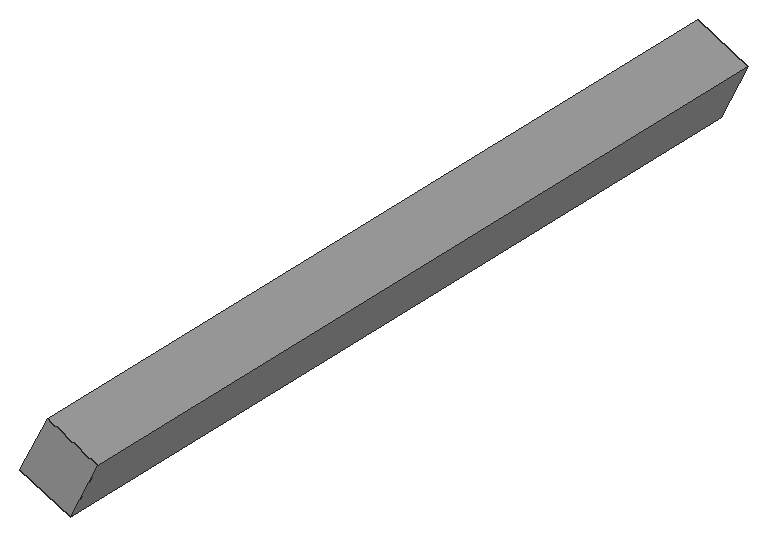
Revit family "凹右002", category 常规模型, Revit 2022
Family settings
  可将钢筋附着到主体 = 否
  圆形连接件大小 = 使用直径
  零件类型 = 标准
  基于工作平面 = 否
  总是垂直 = 是
  加载时剪切的空心 = 否
  保持注释方向 = 否
  共享 = 否
  房间计算点 = 否
Parameters
  默认高程 = 0 mm
Reference planes
  plane 1 "中心(前/后)": y = 0
  plane 2: z = 0
  plane 3 "中心(左/右)": x = 0
Forms (mm)
  Extrusion 1, solid, material "杉木"
    sketch origin (24995.406, -150, -855.898) x (-0.898794, 0, 0.438371) y (-0.438371, 0, -0.898794)
      loop
        line (-4394.297, 97.193) -> (-4801.286, 97.193) -> (-4801.286, -352.807) -> (-4394.297, -352.807) -> (-4394.297, 97.193)
    from -1050 to 4880
  Extrusion 2, void
    sketch origin (0, 0, 0) x (1, 0, 0) y (0, 0, 1)
      loop
        line (29029.549, -2607.544) -> (28967.822, -2734.102) -> (29065.871, -2781.924) -> (29130.381, -2656.723) -> (29029.549, -2607.544)
    from 4622.862 to 4802.328
  Extrusion 3, void
    sketch origin (0, 740, 0) x (1, 0, 0) y (0, 0, 1)
      loop
        line (29029.549, -2607.544) -> (28967.822, -2734.102) -> (29065.871, -2781.924) -> (29130.381, -2656.723) -> (29029.549, -2607.544)
    from 4660.556 to 4850.556
  Extrusion 4, void
    sketch origin (0, 1446.958, 0) x (1, 0, 0) y (0, 0, 1)
      loop
        line (29029.549, -2607.544) -> (28967.822, -2734.102) -> (29065.871, -2781.924) -> (29130.381, -2656.723) -> (29029.549, -2607.544)
    from 4645.295 to 4835.295
  Extrusion 5, void
    sketch origin (0, 2186.958, 0) x (1, 0, 0) y (0, 0, 1)
      loop
        line (29029.549, -2607.544) -> (28967.822, -2734.102) -> (29065.871, -2781.924) -> (29130.381, -2656.723) -> (29029.549, -2607.544)
    from 4631.985 to 4816.985
  Extrusion 6, void
    sketch origin (0, 2886.958, 0) x (1, 0, 0) y (0, 0, 1)
      loop
        line (29029.549, -2607.544) -> (28967.822, -2734.102) -> (29065.871, -2781.924) -> (29130.381, -2656.723) -> (29029.549, -2607.544)
    from 4631.859 to 4814.78
  Extrusion 7, void
    sketch origin (0, 3571.182, 0) x (1, 0, 0) y (0, 0, 1)
      loop
        line (29029.549, -2607.544) -> (28967.822, -2734.102) -> (29065.871, -2781.924) -> (29130.381, -2656.723) -> (29029.549, -2607.544)
    from 4597.783 to 4780.374
  Extrusion 8, void
    sketch origin (0, 4251.182, 0) x (1, 0, 0) y (0, 0, 1)
      loop
        line (29029.549, -2607.544) -> (28967.822, -2734.102) -> (29065.871, -2781.924) -> (29130.381, -2656.723) -> (29029.549, -2607.544)
    from 4591.083 to 4772.093
  Extrusion 9, void
    sketch origin (0, 4964.252, 0) x (1, 0, 0) y (0, 0, 1)
      loop
        line (29029.549, -2607.544) -> (28967.822, -2734.102) -> (29065.871, -2781.924) -> (29130.381, -2656.723) -> (29029.549, -2607.544)
    from 4587.85 to 4772.093
Cuts and joins
  Extrusion 2, Extrusion 3, Extrusion 4, Extrusion 5, Extrusion 6, Extrusion 7, Extrusion 8, Extrusion 9 cuts Extrusion 1
Dimensions and locks
  Extrusion 1 sketch curve to Extrusion 1 sketch curve = 450 mm
  aligned and locked: level to plane 2
